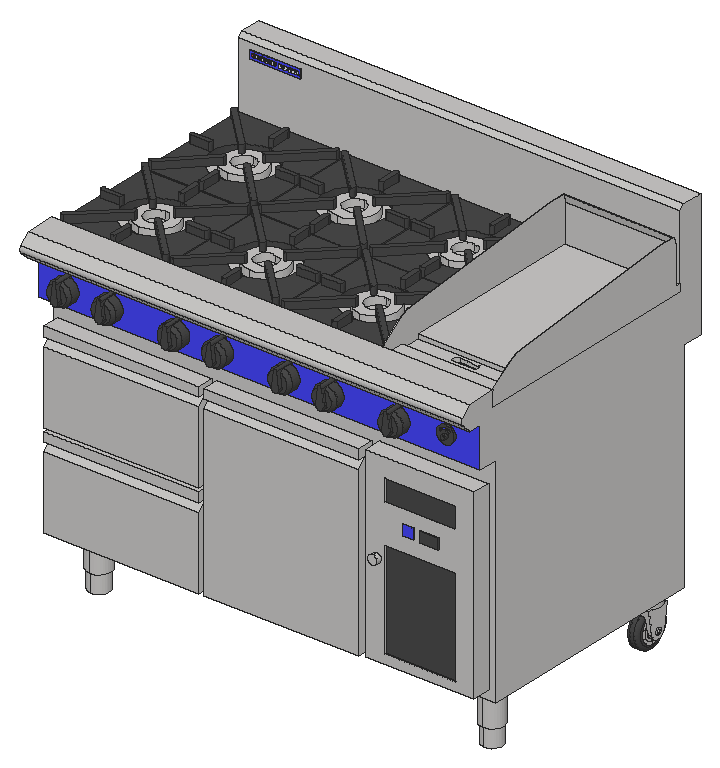
Revit family "QF_MOFFAT_BLUESEAL_AU_G518C-RB", category Specialty Equipment, Revit 2012
Parameters
  Weight in Pounds = 435  # constant formula
  Watts = 250 W
  Volts = 230 V
  URL Cutsheet = "www.moffat.com"
  URL = "www.moffat.com"
  Type Mark [instance] = ""
  Status [instance] = ""
  Specification by User [instance] = ""
  Specification by Manufacturer = ""
  Show Logo [instance] = yes
  Show Clearance [instance] = yes
  Show Casters [instance] = yes
  Serial Number = ""
  Seismic Rating = ""
  SMACNA No = ""
  Revision Code [instance] = ""
  Refrigerant Type = "R134a"
  Phase = 1
  Omniclass Number and Title = ""
  Number of Poles = 1
  NAFEM Spec ID Number = ""
  Model = "G518C-RB"
  Min Ckt Ampacity = 0 A
  Mechanical Remarks [instance] = ""
  Mechanical Connection Type [instance] = ""
  Max Overcurrent Protection = 0 A
  Masterspec = ""
  Manufacturer = "MOFFAT BLUESEAL"
  Legs [instance] = not(Show Casters)  # no
  Item Number [instance] = ""
  Installed By [instance] = ""
  Identify Quantity as Lot [instance] = yes
  HP = ""
  Gas Size = 3/4"
  Gas RI Height [instance] = 0.0 mm
  Gas KW [instance] = 52.2
  Gas Input [instance] = 178189.0 Btu/h
  Gas Connection Height = 0.0 mm
  Furnished By [instance] = ""
  Foodservice Equipment Identifier [instance] = yes
  FL Amps = 1.8 A
  Elec Conn RI Height = 0.0 mm
  Elec Conn Connection Height = 0.0 mm
  Description = "1200MM GAS COOK TOP ON REFRIGERATED BASE"
  Cycle = 50 Hz
  Conn Plug = ""
  Conn Conduit = yes
  CSI MasterFormat = ""
  CSI Master Format = ""
  Body Height [instance] = 915.0 mm
  Base Height [instance] = 150.0 mm
  Apparent Power = if(Phase = 3, Volts * FL Amps * 1.73, Volts * FL Amps)  # 414 VA
Reference planes
  plane 1 "BACK": y = 0
  plane 2: z = 0
  plane 3 "LEFT": x = 0
  plane 4 "RIGHT": x = 1200
  plane 5 "FRONT": y = -812
  plane 6 "TOP": z = 970
  plane 7 "Center Y": x = 600
  plane 8 "Center X": y = -406
  plane 9 "Base Height": z = 150
  plane 10: x = 1134
  plane 11: x = 65
  plane 12: z = 915
  plane 13: x = 1181
  plane 14: x = 973
  plane 15: y = -625
  plane 16: y = -100
  plane 17: z = 1085
Forms (mm)
  Extrusion 1, solid, material "QF_Finishes_Stainless Steel"
    sketch origin (0, 0, 0) x (0, 1, 0) y (0, 0, 1)
      loop
        line (0, 740) -> (0, 1085) -> (-57.5, 1085) -> (-70, 1072.5) -> (-70, 875) -> (-705, 875) -> (-705, 915) -> (-783.97, 915) -> (-808.485, 890.485)
        arc (-808.485, 890.485) -> (-811.999, 882) -> (-808.485, 873.515) r 12
        line (-808.485, 873.515) -> (-784.97, 850) -> (-749, 850) -> (-749, 740) -> (-697, 740) -> (-697, 150) -> (-57, 150) -> (-57, 740) -> (0, 740)
    from 0 to 1200
  Extrusion 2, solid, material "QF_Finishes_Stainless Steel"
    sketch origin (705, 3, 100) x (1, 0, 0) y (0, 1, 0)
      loop
        circle (365, -35) r 13.5
    from 555 to 640
  Revolve 3, solid, material "QF_Finishes_Black"
    sketch origin (89.687, 0, 759.972) x (0, 1, 0) y (0, 0, -1)
      loop
        line (-789, -69.5) -> (-766, -69.5) -> (-766, -42) -> (-756, -42) -> (-756, -37) -> (-800, -37) -> (-800, -63.651) -> (-789, -69.5)
      axis (-800, -37) -> (-756, -37)
    angle from 0 to 360
  Extrusion 4, solid, material "QF_Finishes_Black"
    sketch origin (227.956, 0, 760.13) x (-1, 0, 0) y (0, 0, -1)
      loop
        line (127.537, -26.064) -> (132.958, -68.983)
        arc (132.958, -68.983) -> (137.956, -73.87) -> (142.955, -68.983) r 5
        line (142.955, -68.983) -> (148.444, -24.898)
        arc (148.444, -24.898) -> (137.372, -14.399) -> (127.537, -26.064) r 10.487
    from 759 to 808
  Revolve 5, solid, material "QF_Finishes_Stainless Steel"
    sketch origin (65, -735, 0) x (0, 1, 0) y (0, 0, 1)
      loop
        line (78.25, 150) -> (78.25, 50) -> (82.5, 50) -> (82.5, 0) -> (110, 0) -> (110, 150) -> (78.25, 150)
      axis (110, 150) -> (110, 0)
    angle from 0 to 360
  Revolve 6, solid, material "QF_Finishes_Stainless Steel"
    sketch origin (1134, -735, 0) x (0, 1, 0) y (0, 0, -1)
      loop
        line (78.25, -150) -> (110, -150) -> (110, 0) -> (82.5, 0) -> (82.5, -50) -> (78.25, -50) -> (78.25, -150)
      axis (110, -150) -> (110, 0)
    angle from 0 to 360
  Extrusion 7, solid, material "QF_Finishes_Stainless Steel"
    sketch origin (0, 0, 0) x (0, 1, 0) y (0, 0, 1)
      loop
        line (-754, 678) -> (-754, 653) -> (-709.18, 653) -> (-709.18, 678) -> (-754, 678)
      loop
        line (-754, 421) -> (-754, 396) -> (-709.18, 396) -> (-709.18, 421) -> (-754, 421)
    from 19 to 439
  Extrusion 8, solid, material "QF_Finishes_Stainless Steel"
    sketch origin (0, -697, 222.5) x (0, 0, -1) y (1, 0, 0)
      loop
        line (-455.5, 1181) -> (-455.5, 887) -> (48.5, 887) -> (48.5, 1181) -> (-455.5, 1181)
      loop
        line (23.5, 1131) -> (-241.5, 1131) -> (-241.5, 937) -> (23.5, 937) -> (23.5, 1131)
      loop
        line (-405.5, 1131) -> (-405.5, 937) -> (-345.5, 937) -> (-345.5, 1131) -> (-405.5, 1131)
    from 0 to 48
  Extrusion 9, solid, material "QF_Finishes_Black"
    sketch origin (0, -745, 222.5) x (0, 0, -1) y (1, 0, 0)
      loop
        line (-311.04, 1035.003) -> (-281.04, 1035.003) -> (-281.04, 1083.315) -> (-311.04, 1083.315) -> (-311.04, 1035.003)
    from 0 to 1
  Extrusion 10, solid, material "QF_Finishes_Stainless Steel"
    sketch origin (0, -745, 222.5) x (0, 0, -1) y (1, 0, 0)
      loop
        circle (-202.271, 914.856) r 12.395
    from 0 to 12.7
  Extrusion 11, solid, material "QF_Finishes_Vents"
    sketch origin (0, -697, 222.5) x (0, 0, 1) y (1, 0, 0)
      loop
        line (345.5, 937) -> (405.5, 937) -> (405.5, 1131) -> (345.5, 1131) -> (345.5, 937)
      loop
        line (241.5, 937) -> (241.5, 1131) -> (-23.5, 1131) -> (-23.5, 937) -> (241.5, 937)
    from 0 to -44.529
  Extrusion 12, solid, material "QF_Door-Drawer Clearances", visible <- "Show Clearance", detail levels coarse
    sketch origin (0, -747, 174) x (0, 0, 1) y (-1, 0, 0)
      loop
        line (0, -19) -> (0, -439) -> (247, -439) -> (247, -19) -> (0, -19)
      loop
        line (257, -19) -> (257, -439) -> (504, -439) -> (504, -19) -> (257, -19)
    from 0 to 304.8
  Extrusion 13, solid, material "QF_Finishes_Stainless Steel"
    sketch origin (0, 0, 0) x (0, 1, 0) y (0, 0, 1)
      loop
        line (-709.18, 174) -> (-709.18, 650.613) -> (-731.387, 650.613) -> (-754, 628) -> (-754, 174) -> (-709.18, 174)
    from 453 to 873
  Extrusion 14, solid, material "QF_Door-Drawer Clearances", visible <- "Show Clearance", detail levels coarse
    sketch origin (0, -754, 174) x (1, 0, 0) y (0, -1, 0)
      loop
        line (453, 0) -> (873, 0) -> (873, 420)
        arc (873, 420) -> (576.015, 296.985) -> (453, 0) r 420
    from 0 to -504
  Extrusion 15, solid, material "QF_Finishes_Stainless Steel"
    sketch origin (0, -57, 735) x (0, 0, 1) y (1, 0, 0)
      loop
        circle (-315, 920) r 6.35
    from 0 to 1.6
  Extrusion 16, solid, material "QF_Finishes_Stainless Steel"
    sketch origin (0, 0, 0) x (0, 1, 0) y (0, 0, 1)
      loop
        line (-754, 431) -> (-709.18, 431) -> (-709.18, 650.613) -> (-731.387, 650.613) -> (-754, 628) -> (-754, 431)
      loop
        line (-754, 174) -> (-709.18, 174) -> (-709.18, 393.613) -> (-731.387, 393.613) -> (-754, 371) -> (-754, 174)
    from 19 to 439
  Extrusion 17, solid, material "QF_Finishes_Stainless Steel"
    sketch origin (0, 0, 0) x (0, 1, 0) y (0, 0, 1)
      loop
        line (-709.18, 653) -> (-709.18, 678) -> (-754, 678) -> (-754, 653) -> (-709.18, 653)
    from 453 to 873
  Revolve 18, solid, material "QF_Finishes_Black"
    sketch origin (210, 0, 760) x (0, 1, 0) y (0, 0, -1)
      loop
        line (-789, -69.5) -> (-766, -69.5) -> (-766, -42) -> (-756, -42) -> (-756, -37) -> (-800, -37) -> (-800, -63.651) -> (-789, -69.5)
      axis (-800, -37) -> (-756, -37)
    angle from 0 to 360
  Extrusion 19, solid, material "QF_Finishes_Black"
    sketch origin (348.27, 0, 760.158) x (-1, 0, 0) y (0, 0, -1)
      loop
        line (127.537, -26.064) -> (132.958, -68.983)
        arc (132.958, -68.983) -> (137.956, -73.87) -> (142.955, -68.983) r 5
        line (142.955, -68.983) -> (148.444, -24.898)
        arc (148.444, -24.898) -> (137.372, -14.399) -> (127.537, -26.064) r 10.487
    from 759 to 808
  Revolve 20, solid, material "QF_Finishes_Black"
    sketch origin (390, 0, 760) x (0, 1, 0) y (0, 0, -1)
      loop
        line (-789, -69.5) -> (-766, -69.5) -> (-766, -42) -> (-756, -42) -> (-756, -37) -> (-800, -37) -> (-800, -63.651) -> (-789, -69.5)
      axis (-800, -37) -> (-756, -37)
    angle from 0 to 360
  Extrusion 21, solid, material "QF_Finishes_Black"
    sketch origin (528.27, 0, 760.158) x (-1, 0, 0) y (0, 0, -1)
      loop
        line (127.537, -26.064) -> (132.958, -68.983)
        arc (132.958, -68.983) -> (137.956, -73.87) -> (142.955, -68.983) r 5
        line (142.955, -68.983) -> (148.444, -24.898)
        arc (148.444, -24.898) -> (137.372, -14.399) -> (127.537, -26.064) r 10.487
    from 759 to 808
  Revolve 22, solid, material "QF_Finishes_Black"
    sketch origin (690, 0, 760) x (0, 1, 0) y (0, 0, -1)
      loop
        line (-789, -69.5) -> (-766, -69.5) -> (-766, -42) -> (-756, -42) -> (-756, -37) -> (-800, -37) -> (-800, -63.651) -> (-789, -69.5)
      axis (-800, -37) -> (-756, -37)
    angle from 0 to 360
  Extrusion 23, solid, material "QF_Finishes_Black"
    sketch origin (828.27, 0, 760.158) x (-1, 0, 0) y (0, 0, -1)
      loop
        line (127.537, -26.064) -> (132.958, -68.983)
        arc (132.958, -68.983) -> (137.956, -73.87) -> (142.955, -68.983) r 5
        line (142.955, -68.983) -> (148.444, -24.898)
        arc (148.444, -24.898) -> (137.372, -14.399) -> (127.537, -26.064) r 10.487
    from 759 to 808
  Revolve 24, solid, material "QF_Finishes_Black"
    sketch origin (990, 0, 760) x (0, 1, 0) y (0, 0, -1)
      loop
        line (-789, -69.5) -> (-766, -69.5) -> (-766, -42) -> (-756, -42) -> (-756, -37) -> (-800, -37) -> (-800, -63.651) -> (-789, -69.5)
      axis (-800, -37) -> (-756, -37)
    angle from 0 to 360
  Extrusion 25, solid, material "QF_Finishes_Black"
    sketch origin (1128.27, 0, 760.158) x (-1, 0, 0) y (0, 0, -1)
      loop
        line (127.537, -26.064) -> (132.958, -68.983)
        arc (132.958, -68.983) -> (137.956, -73.87) -> (142.955, -68.983) r 5
        line (142.955, -68.983) -> (148.444, -24.898)
        arc (148.444, -24.898) -> (137.372, -14.399) -> (127.537, -26.064) r 10.487
    from 759 to 808
  Revolve 26, solid, material "QF_Finishes_Black"
    sketch origin (510.313, 0, 760.028) x (0, 1, 0) y (0, 0, -1)
      loop
        line (-789, -69.5) -> (-766, -69.5) -> (-766, -42) -> (-756, -42) -> (-756, -37) -> (-800, -37) -> (-800, -63.651) -> (-789, -69.5)
      axis (-800, -37) -> (-756, -37)
    angle from 0 to 360
  Extrusion 27, solid, material "QF_Finishes_Black"
    sketch origin (648.583, 0, 760.186) x (-1, 0, 0) y (0, 0, -1)
      loop
        line (127.537, -26.064) -> (132.958, -68.983)
        arc (132.958, -68.983) -> (137.956, -73.87) -> (142.955, -68.983) r 5
        line (142.955, -68.983) -> (148.444, -24.898)
        arc (148.444, -24.898) -> (137.372, -14.399) -> (127.537, -26.064) r 10.487
    from 759 to 808
  Revolve 28, solid, material "QF_Finishes_Stainless Steel", visible <- "Legs"
    sketch origin (65.5, -166, 0) x (0, 1, 0) y (0, 0, 1)
      loop
        line (34.25, 150) -> (34.25, 50) -> (38.5, 50) -> (38.5, 0) -> (66, 0) -> (66, 150) -> (34.25, 150)
      axis (66, 150) -> (66, 0)
    angle from 0 to 360
  Revolve 29, solid, material "QF_Finishes_Stainless Steel", visible <- "Show Casters"
    sketch origin (16.276, -100.755, -12.8) x (1, 0, 0) y (0, 0, 1)
      loop
        line (14.841, 63.604) -> (83.584, 63.604) -> (83.584, 67.109) -> (82.314, 68.379) -> (80.79, 68.379) -> (80.79, 71.826) -> (68.644, 71.826) -> (68.644, 81.79) -> (65.088, 83.843) -> (63.738, 92.179) -> (65.881, 92.179) -> (65.881, 98.529) -> (65.088, 98.529) -> (65.088, 104.879)
        arc (65.088, 104.879) -> (62.298, 111.614) -> (55.563, 114.404) r 9.525
        line (55.563, 114.404) -> (42.863, 114.404)
        arc (42.863, 114.404) -> (36.127, 111.614) -> (33.338, 104.879) r 9.525
        line (33.338, 104.879) -> (33.338, 98.529) -> (32.544, 98.529) -> (32.544, 92.179) -> (34.687, 92.179) -> (33.352, 83.932) -> (29.782, 81.871) -> (29.782, 71.826) -> (17.635, 71.826) -> (17.635, 68.379) -> (16.111, 68.379) -> (14.841, 67.109) -> (14.841, 63.604)
      axis (14.841, 63.604) -> (83.584, 63.604)
    angle from 0 to 360
  Extrusion 30, solid, material "QF_Finishes_Stainless Steel", visible <- "Show Casters"
    sketch origin (72.001, 132.353, -8.783) x (0, 1, 0) y (0, 0, 1)
      loop
        line (-200.603, 118.783) -> (-264.103, 118.783) -> (-251.746, 53.895)
        arc (-251.746, 53.895) -> (-232.353, 38.783) -> (-212.959, 53.895) r 20
        line (-212.959, 53.895) -> (-200.603, 118.783)
    from -35.667 to 22.923
  Revolve 31, solid, material "QF_Finishes_Stainless Steel", visible <- "Show Casters"
    sketch origin (65.5, -204, 0) x (0, 1, 0) y (0, 0, 1)
      loop
        line (68.25, 150) -> (68.25, 110) -> (104, 110) -> (104, 150) -> (68.25, 150)
      axis (104, 150) -> (104, 110)
    angle from 0 to 360
  Revolve 32, solid, material "QF_Finishes_Stainless Steel", visible <- "Legs"
    sketch origin (65.5, -166, 0) x (0, 1, 0) y (0, 0, 1)
      loop
        line (34.25, 150) -> (34.25, 50) -> (38.5, 50) -> (38.5, 0) -> (66, 0) -> (66, 150) -> (34.25, 150)
      axis (66, 150) -> (66, 0)
    angle from 0 to 360
  Revolve 33, solid, material "QF_Finishes_Stainless Steel", visible <- "Legs"
    sketch origin (1134.5, -166, 0) x (0, 1, 0) y (0, 0, -1)
      loop
        line (34.25, -150) -> (66, -150) -> (66, 0) -> (38.5, 0) -> (38.5, -50) -> (34.25, -50) -> (34.25, -150)
      axis (66, -150) -> (66, 0)
    angle from 0 to 360
  Revolve 34, solid, material "QF_Finishes_Stainless Steel", visible <- "Show Casters"
    sketch origin (1183.724, -100.755, -12.8) x (-1, 0, 0) y (0, 0, -1)
      loop
        line (14.841, -63.604) -> (14.841, -67.109) -> (16.111, -68.379) -> (17.635, -68.379) -> (17.635, -71.826) -> (29.782, -71.826) -> (29.782, -81.871) -> (33.352, -83.932) -> (34.687, -92.179) -> (32.544, -92.179) -> (32.544, -98.529) -> (33.338, -98.529) -> (33.338, -104.879)
        arc (33.338, -104.879) -> (36.127, -111.614) -> (42.863, -114.404) r 9.525
        line (42.863, -114.404) -> (55.563, -114.404)
        arc (55.563, -114.404) -> (62.298, -111.614) -> (65.088, -104.879) r 9.525
        line (65.088, -104.879) -> (65.088, -98.529) -> (65.881, -98.529) -> (65.881, -92.179) -> (63.738, -92.179) -> (65.088, -83.843) -> (68.644, -81.79) -> (68.644, -71.826) -> (80.79, -71.826) -> (80.79, -68.379) -> (82.314, -68.379) -> (83.584, -67.109) -> (83.584, -63.604) -> (14.841, -63.604)
      axis (14.841, -63.604) -> (83.584, -63.604)
    angle from 0 to 360
  Extrusion 35, solid, material "QF_Finishes_Stainless Steel", visible <- "Show Casters"
    sketch origin (1127.999, 132.353, -8.783) x (0, 1, 0) y (0, 0, -1)
      loop
        line (-200.603, -118.783) -> (-212.959, -53.895)
        arc (-212.959, -53.895) -> (-232.353, -38.783) -> (-251.746, -53.895) r 20
        line (-251.746, -53.895) -> (-264.103, -118.783) -> (-200.603, -118.783)
    from -35.667 to 22.923
  Revolve 36, solid, material "QF_Finishes_Stainless Steel", visible <- "Show Casters"
    sketch origin (1134.5, -204, 0) x (0, 1, 0) y (0, 0, -1)
      loop
        line (68.25, -150) -> (104, -150) -> (104, -110) -> (68.25, -110) -> (68.25, -150)
      axis (104, -150) -> (104, -110)
    angle from 0 to 360
  Revolve 37, solid, material "QF_Finishes_Stainless Steel", visible <- "Legs"
    sketch origin (1134.5, -166, 0) x (0, 1, 0) y (0, 0, -1)
      loop
        line (34.25, -150) -> (66, -150) -> (66, 0) -> (38.5, 0) -> (38.5, -50) -> (34.25, -50) -> (34.25, -150)
      axis (66, -150) -> (66, 0)
    angle from 0 to 360
  Extrusion 38, solid, material "QF_Finishes_Black"
    sketch origin (0, -749, 850) x (0, 0, -1) y (1, 0, 0)
      loop
        circle (53, 1110) r 23.9
      loop
        arc (45.641, 1118.419) -> (46.501, 1123.219) -> (41.701, 1124.079) r 3.448
        arc (41.701, 1124.079) -> (35.116, 1109.341) -> (42.919, 1095.209) r 18.095
        arc (42.919, 1095.209) -> (47.641, 1096.491) -> (46.326, 1101.204) r 3.448
        arc (46.326, 1101.204) -> (42.758, 1109.683) -> (45.641, 1118.419) r 13.109
    from 0 to 5
  Extrusion 39, solid, material "QF_Finishes_Black"
    sketch origin (0, -754, 850) x (0, 0, -1) y (1, 0, 0)
      loop
        circle (56.5, 1110) r 5.75
    from 0 to 10
  Revolve 40, solid, material "QF_Finishes_Black"
    sketch origin (810.313, 0, 760.028) x (0, 1, 0) y (0, 0, -1)
      loop
        line (-789, -69.5) -> (-766, -69.5) -> (-766, -42) -> (-756, -42) -> (-756, -37) -> (-800, -37) -> (-800, -63.651) -> (-789, -69.5)
      axis (-800, -37) -> (-756, -37)
    angle from 0 to 360
  Extrusion 41, solid, material "QF_Finishes_Black"
    sketch origin (948.583, 0, 760.186) x (-1, 0, 0) y (0, 0, -1)
      loop
        line (127.537, -26.064) -> (132.958, -68.983)
        arc (132.958, -68.983) -> (137.956, -73.87) -> (142.955, -68.983) r 5
        line (142.955, -68.983) -> (148.444, -24.898)
        arc (148.444, -24.898) -> (137.372, -14.399) -> (127.537, -26.064) r 10.487
    from 759 to 808
  Extrusion 42, solid, material "QF_Finishes_Blue"
    sketch origin (0, -745, 222.5) x (0, 0, -1) y (1, 0, 0)
      loop
        line (-311.04, 987.426) -> (-281.04, 987.426) -> (-281.04, 1017.426) -> (-311.04, 1017.426) -> (-311.04, 987.426)
    from 0 to 1
Lines and regions (mm)
  Split face 1
    outline origin (0, -22, 1085) x (0, 1, 0) y (-1, 0, 0)
      loop
        arc (-23.385, -1164.794) -> (-18.385, -1173.455) -> (-8.385, -1173.455) r 10
        line (-8.385, -1173.455) -> (-1.385, -1169.413)
        arc (-1.385, -1169.413) -> (2.275, -1165.753) -> (3.615, -1160.753) r 10
        line (3.615, -1160.753) -> (3.615, -932.794)
        arc (3.615, -932.794) -> (-1.385, -924.134) -> (-11.385, -924.134) r 10
        line (-11.385, -924.134) -> (-18.385, -928.176)
        arc (-18.385, -928.176) -> (-22.045, -931.836) -> (-23.385, -936.836) r 10
        line (-23.385, -936.836) -> (-23.385, -1164.794)
  Split face 2
    outline origin (0, -22, 1085) x (0, 1, 0) y (-1, 0, 0)
      loop
        arc (-23.385, -864.794) -> (-18.385, -873.455) -> (-8.385, -873.455) r 10
        line (-8.385, -873.455) -> (-1.385, -869.413)
        arc (-1.385, -869.413) -> (2.275, -865.753) -> (3.615, -860.753) r 10
        line (3.615, -860.753) -> (3.615, -632.794)
        arc (3.615, -632.794) -> (-1.385, -624.134) -> (-11.385, -624.134) r 10
        line (-11.385, -624.134) -> (-18.385, -628.176)
        arc (-18.385, -628.176) -> (-22.045, -631.836) -> (-23.385, -636.836) r 10
        line (-23.385, -636.836) -> (-23.385, -864.794)
  Split face 3
    outline origin (0, -22, 1085) x (0, 1, 0) y (-1, 0, 0)
      loop
        arc (-23.385, -564.794) -> (-18.385, -573.455) -> (-8.385, -573.455) r 10
        line (-8.385, -573.455) -> (-1.385, -569.413)
        arc (-1.385, -569.413) -> (2.275, -565.753) -> (3.615, -560.753) r 10
        line (3.615, -560.753) -> (3.615, -332.794)
        arc (3.615, -332.794) -> (-1.385, -324.134) -> (-11.385, -324.134) r 10
        line (-11.385, -324.134) -> (-18.385, -328.176)
        arc (-18.385, -328.176) -> (-22.045, -331.836) -> (-23.385, -336.836) r 10
        line (-23.385, -336.836) -> (-23.385, -564.794)
  Split face 4
    outline origin (0, -22, 1085) x (0, 1, 0) y (-1, 0, 0)
      loop
        arc (-23.385, -264.794) -> (-18.385, -273.455) -> (-8.385, -273.455) r 10
        line (-8.385, -273.455) -> (-1.385, -269.413)
        arc (-1.385, -269.413) -> (2.275, -265.753) -> (3.615, -260.753) r 10
        line (3.615, -260.753) -> (3.615, -32.794)
        arc (3.615, -32.794) -> (-1.385, -24.134) -> (-11.385, -24.134) r 10
        line (-11.385, -24.134) -> (-18.385, -28.176)
        arc (-18.385, -28.176) -> (-22.045, -31.836) -> (-23.385, -36.836) r 10
        line (-23.385, -36.836) -> (-23.385, -264.794)
  symbolic lines, style "QF_Door-Drawer Clearances"
    curve 1: line (19, -812, 150) -> (19, -1058.8, 150)
    curve 2: line (19, -1058.8, 150) -> (439, -1058.8, 150)
    curve 3: line (439, -1058.8, 150) -> (439, -812, 150)
    curve 4: arc (512.99, -970.316, 150) -> (477.409, -895.095, 150) -> (457.356, -814.336, 150) r 420
    curve 5: line (776.472, -812, 150) -> (512.99, -970.316, 150)
  symbolic lines, style "SpecialityEquipmentHiddenLines", visible <- "Show Casters"
    curve 6: line (78.456, -46.735, 0) -> (105.952, -62.61, 0)
    curve 7: line (27.656, -134.723, 0) -> (78.456, -46.735, 0)
    curve 8: line (55.152, -150.598, 0) -> (27.656, -134.723, 0)
    curve 9: line (105.952, -62.61, 0) -> (55.152, -150.598, 0)
    curve 10: line (1125.152, -150.598, 0) -> (1097.656, -134.723, 0)
    curve 11: line (1175.952, -62.61, 0) -> (1125.152, -150.598, 0)
    curve 52: line (1148.456, -46.735, 0) -> (1097.656, -134.723, 0)
    curve 53: line (1175.952, -62.61, 0) -> (1148.456, -46.735, 0)
  symbolic lines
    curve 12: line (32.794, -18.385, 0) -> (260.753, -18.385, 0)
    curve 13: arc (260.753, -18.385, 0) -> (265.753, -19.725, 0) -> (269.413, -23.385, 0) r 10
    curve 14: line (269.413, -23.385, 0) -> (273.455, -30.385, 0)
    curve 15: arc (273.455, -30.385, 0) -> (273.455, -40.385, 0) -> (264.794, -45.385, 0) r 10
    curve 16: line (264.794, -45.385, 0) -> (36.836, -45.385, 0)
    curve 17: arc (36.836, -45.385, 0) -> (31.836, -44.045, 0) -> (28.176, -40.385, 0) r 10
    curve 18: line (28.176, -40.385, 0) -> (24.134, -33.385, 0)
    curve 19: arc (24.134, -33.385, 0) -> (24.134, -23.385, 0) -> (32.794, -18.385, 0) r 10
    curve 20: line (560.753, -18.385, 0) -> (332.794, -18.385, 0)
    curve 21: arc (332.794, -18.385, 0) -> (324.134, -23.385, 0) -> (324.134, -33.385, 0) r 10
    curve 22: line (324.134, -33.385, 0) -> (328.176, -40.385, 0)
    curve 23: arc (328.176, -40.385, 0) -> (331.836, -44.045, 0) -> (336.836, -45.385, 0) r 10
    curve 24: line (336.836, -45.385, 0) -> (564.794, -45.385, 0)
    curve 25: arc (564.794, -45.385, 0) -> (573.455, -40.385, 0) -> (573.455, -30.385, 0) r 10
    curve 26: line (573.455, -30.385, 0) -> (569.413, -23.385, 0)
    curve 27: arc (569.413, -23.385, 0) -> (565.753, -19.725, 0) -> (560.753, -18.385, 0) r 10
    curve 28: line (632.794, -18.385, 0) -> (860.753, -18.385, 0)
    curve 29: arc (860.753, -18.385, 0) -> (865.753, -19.725, 0) -> (869.413, -23.385, 0) r 10
    curve 30: line (869.413, -23.385, 0) -> (873.455, -30.385, 0)
    curve 31: arc (873.455, -30.385, 0) -> (873.455, -40.385, 0) -> (864.794, -45.385, 0) r 10
    curve 32: line (864.794, -45.385, 0) -> (636.836, -45.385, 0)
    curve 33: arc (636.836, -45.385, 0) -> (631.836, -44.045, 0) -> (628.176, -40.385, 0) r 10
    curve 34: line (628.176, -40.385, 0) -> (624.134, -33.385, 0)
    curve 35: arc (624.134, -33.385, 0) -> (624.134, -23.385, 0) -> (632.794, -18.385, 0) r 10
    curve 36: line (1160.753, -18.385, 0) -> (932.794, -18.385, 0)
    curve 37: arc (932.794, -18.385, 0) -> (924.134, -23.385, 0) -> (924.134, -33.385, 0) r 10
    curve 38: line (924.134, -33.385, 0) -> (928.176, -40.385, 0)
    curve 39: arc (928.176, -40.385, 0) -> (931.836, -44.045, 0) -> (936.836, -45.385, 0) r 10
    curve 40: line (936.836, -45.385, 0) -> (1164.794, -45.385, 0)
    curve 41: arc (1164.794, -45.385, 0) -> (1173.455, -40.385, 0) -> (1173.455, -30.385, 0) r 10
    curve 42: line (1173.455, -30.385, 0) -> (1169.413, -23.385, 0)
    curve 43: arc (1169.413, -23.385, 0) -> (1165.753, -19.725, 0) -> (1160.753, -18.385, 0) r 10
    curve 44: line (1200, 0, 0) -> (0, 0, 0)
    curve 45: line (1200, -57, 0) -> (0, -57, 0)
    curve 46: line (0, -70, 0) -> (1200, -70, 0)
    curve 47: line (-1, -705, 0) -> (1199, -705, 0)
    curve 48: line (0, -783.97, 0) -> (1200, -783.97, 0)
    curve 49: line (0, -811.999, 0) -> (1200, -811.999, 0)
    curve 50: line (1200, -811.999, 0) -> (1200, 0, 0)
    curve 51: line (0, 0, 0) -> (0, -811.999, 0)
Dimensions and locks
  equal spacing: plane 3 "LEFT", plane 7 "Center Y", plane 4 "RIGHT"
  plane 3 "LEFT" to plane 4 "RIGHT" = 1200.0 mm
  equal spacing: plane 5 "FRONT", plane 8 "Center X", plane 1 "BACK"
  plane 5 "FRONT" to plane 1 "BACK" = 812.0 mm
  "Base Height": plane 9 "Base Height" to level
  plane 6 "TOP" to level = 970.0 mm
  plane 10 to plane 11 = 1069.0 mm
  level to Extrusion 2 = 655.0 mm
  Extrusion 1 to Extrusion 7 = 19.0 mm
  Extrusion 8 sketch curve to Extrusion 8 sketch curve = 294.0 mm
  plane 15 to plane 16 = 525.0 mm
  plane 17 to plane 2 = 1085.0 mm
  Extrusion 15 sketch curve to plane 4 "RIGHT" = 280.0 mm
  Extrusion 15 sketch curve to plane 2 = 420.0 mm
  Revolve 29 sketch curve to Revolve 29 sketch curve = 50.8 mm
  Revolve 34 sketch curve to Revolve 34 sketch curve = 50.8 mm
  aligned and locked: level to plane 2
Automatic sketch dimensions
  curve 45 to plane 3 "LEFT" = 0.0 mm
  curve 48 to plane 4 "RIGHT" = 0.0 mm
  plane 1 "BACK" to curve 44 = 0.0 mm
  curve 47 to plane 3 "LEFT" = 1.0 mm
  plane 3 "LEFT" to curve 18 = 24.134 mm
  plane 3 "LEFT" to curve 8 = 27.656 mm
  curve 19 to curve 17 = 4.041 mm
  curve 18 to curve 19 = 8.66 mm
  curve 17 to curve 17 = 8.66 mm
  curve 8 to plane 11 = 9.848 mm
  plane 11 to curve 7 = 13.456 mm
  plane 1 "BACK" to curve 12 = 18.385 mm
  curve 6 to curve 12 = 154.801 mm
  curve 13 to curve 15 = 4.041 mm  (x2)
  curve 13 to curve 13 = 8.66 mm
  curve 14 to curve 21 = 50.679 mm
  curve 22 to curve 23 = 4.041 mm
  curve 21 to curve 21 = 8.66 mm
  curve 23 to curve 23 = 8.66 mm
  plane 1 "BACK" to curve 27 = 18.385 mm
  curve 27 to plane 7 "Center Y" = 39.247 mm
  curve 27 to curve 24 = 4.041 mm
  plane 1 "BACK" to curve 26 = 23.385 mm
  curve 27 to curve 26 = 8.66 mm
  curve 26 to curve 25 = 4.041 mm
  plane 7 "Center Y" to curve 35 = 24.134 mm
  curve 35 to curve 34 = 4.041 mm
  curve 34 to curve 28 = 8.66 mm
  curve 33 to curve 32 = 8.66 mm
  plane 1 "BACK" to curve 29 = 18.385 mm
  curve 29 to plane 14 = 112.247 mm
  curve 29 to curve 31 = 4.041 mm
  curve 29 to curve 29 = 8.66 mm
  plane 1 "BACK" to curve 30 = 30.385 mm
  curve 29 to curve 30 = 4.041 mm
  curve 38 to plane 14 = 48.866 mm
  curve 37 to curve 38 = 4.041 mm
  curve 37 to curve 37 = 8.66 mm
  curve 37 to curve 39 = 4.041 mm
  curve 52 to plane 10 = 36.344 mm
  curve 10 to plane 10 = 8.848 mm
  plane 10 to curve 53 = 14.456 mm
  curve 52 to curve 43 = 12.297 mm
  curve 43 to curve 41 = 4.041 mm
  curve 43 to curve 42 = 8.66 mm
  curve 43 to curve 42 = 4.041 mm
  plane 4 "RIGHT" to curve 47 = 1.0 mm
  curve 34 to curve 28 = 15.0 mm
  curve 18 to curve 12 = 15.0 mm
  curve 21 to curve 20 = 15.0 mm
  plane 1 "BACK" to curve 38 = 33.385 mm
  curve 31 to curve 31 = 5.0 mm
  curve 25 to curve 27 = 7.0 mm
  curve 15 to curve 12 = 17.0 mm
  curve 17 to curve 19 = 7.0 mm
  curve 33 to curve 35 = 7.0 mm
  curve 23 to curve 21 = 7.0 mm
  plane 1 "BACK" to curve 41 = 35.385 mm
  curve 39 to curve 37 = 2.0 mm
  curve 39 to curve 37 = 7.0 mm  (x2)
  curve 18 to curve 19 = 7.0 mm
  curve 22 to curve 22 = 7.0 mm
  curve 53 to curve 41 = 1.35 mm
  curve 6 to curve 17 = 1.35 mm
  curve 45 to curve 41 = 11.615 mm
  curve 53 to curve 41 = 17.225 mm
  curve 6 to curve 6 = 15.875 mm
  curve 46 to curve 45 = 13.0 mm
  curve 47 to plane 15 = 80.0 mm
  curve 48 to plane 5 "FRONT" = 28.03 mm
  curve 51 to plane 5 "FRONT" = 0.001 mm
  curve 31 to curve 29 = 7.0 mm
  curve 15 to curve 13 = 7.0 mm
  curve 41 to curve 43 = 7.0 mm
  Extrusion 1 sketch curve to plane 12 = 0.0 mm
  Extrusion 1 sketch curve to plane 9 "Base Height" = 0.0 mm
  Extrusion 1 sketch curve to plane 17 = 0.0 mm
  Extrusion 1 sketch curve to plane 1 "BACK" = 0.0 mm
  plane 16 to Extrusion 1 sketch curve = 43.0 mm
  plane 16 to Extrusion 1 sketch curve = 42.5 mm
  Extrusion 1 sketch curve to Extrusion 1 sketch curve = 12.5 mm
  Extrusion 1 sketch curve to plane 15 = 72.0 mm
  Extrusion 1 sketch curve to plane 15 = 80.0 mm
  Extrusion 1 sketch curve to Extrusion 1 sketch curve = 52.0 mm
  Extrusion 1 sketch curve to plane 5 "FRONT" = 28.03 mm
  Extrusion 1 sketch curve to plane 5 "FRONT" = 27.03 mm
  Extrusion 1 sketch curve to plane 5 "FRONT" = 12.001 mm
  Extrusion 1 sketch curve to plane 5 "FRONT" = 3.515 mm  (x2)
  Extrusion 1 sketch curve to plane 12 = 175.0 mm  (x2)
  Extrusion 1 sketch curve to plane 12 = 65.0 mm
  Extrusion 1 sketch curve to Extrusion 1 sketch curve = 23.515 mm
  Extrusion 1 sketch curve to Extrusion 1 sketch curve = 40.0 mm
  Extrusion 1 sketch curve to Extrusion 1 sketch curve = 8.485 mm
  Extrusion 1 sketch curve to plane 17 = 12.5 mm
  plane 1 "BACK" to Extrusion 2 sketch curve = 32.0 mm
  Extrusion 2 sketch curve to plane 10 = 64.0 mm
  Revolve 3 sketch curve to plane 5 "FRONT" = 12.0 mm
  Revolve 3 sketch curve to Revolve 3 sketch curve = 0.0 mm  (x2)
  Revolve 3 sketch curve to Revolve 3 sketch curve = 11.0 mm
  Revolve 3 sketch curve to Revolve 3 sketch curve = 12.7 mm
  Revolve 3 sketch curve to Revolve 3 sketch curve = 23.0 mm
  Revolve 3 sketch curve to Revolve 3 sketch curve = 10.0 mm
  Revolve 3 sketch curve to plane 12 = 85.528 mm
  Revolve 3 sketch curve to Revolve 3 sketch curve = 5.849 mm
  Revolve 3 sketch curve to Revolve 3 sketch curve = 27.5 mm
  Revolve 3 sketch curve to Revolve 3 sketch curve = 5.0 mm
  plane 11 to Extrusion 4 sketch curve = 35.419 mm
  plane 11 to Extrusion 4 sketch curve = 29.999 mm
  Extrusion 4 sketch curve to Extrusion 4 sketch curve = 10.419 mm
  Extrusion 4 sketch curve to Extrusion 4 sketch curve = 4.999 mm  (x2)
  Extrusion 4 sketch curve to Extrusion 4 sketch curve = 10.487 mm
  Extrusion 4 sketch curve to plane 12 = 85.887 mm
  Extrusion 4 sketch curve to Extrusion 4 sketch curve = 0.113 mm
  Extrusion 4 sketch curve to Extrusion 4 sketch curve = 42.919 mm
  Extrusion 4 sketch curve to Extrusion 4 sketch curve = 1.167 mm
  Revolve 5 sketch curve to plane 9 "Base Height" = 0.0 mm
  Revolve 5 sketch curve to level = 0.0 mm
  Revolve 5 sketch curve to plane 15 = 0.0 mm  (x2)
  Revolve 5 sketch curve to plane 15 = 27.5 mm
  Revolve 5 sketch curve to Revolve 5 sketch curve = 31.75 mm
  Revolve 5 sketch curve to Revolve 5 sketch curve = 55.0 mm
  level to Revolve 5 sketch curve = 50.0 mm
  Revolve 5 sketch curve to Revolve 5 sketch curve = 0.0 mm
  Revolve 6 sketch curve to plane 9 "Base Height" = 0.0 mm
  Revolve 6 sketch curve to level = 0.0 mm
  Revolve 6 sketch curve to plane 15 = 0.0 mm  (x2)
  Revolve 6 sketch curve to plane 15 = 27.5 mm
  Revolve 6 sketch curve to plane 15 = 31.75 mm
  level to Revolve 6 sketch curve = 50.0 mm
  Revolve 6 sketch curve to Revolve 6 sketch curve = 0.0 mm
  Revolve 6 sketch curve to Revolve 6 sketch curve = 55.0 mm
  Extrusion 7 sketch curve to plane 5 "FRONT" = 58.0 mm  (x2)
  Extrusion 7 sketch curve to Extrusion 7 sketch curve = 44.82 mm  (x2)
  plane 9 "Base Height" to Extrusion 7 sketch curve = 246.0 mm
  Extrusion 7 sketch curve to Extrusion 7 sketch curve = 25.0 mm  (x2)
  Extrusion 7 sketch curve to Extrusion 7 sketch curve = 232.0 mm
  Extrusion 8 sketch curve to Extrusion 1 = 62.0 mm
  Extrusion 8 sketch curve to Extrusion 8 sketch curve = 50.0 mm  (x3)
  Extrusion 8 sketch curve to Extrusion 8 sketch curve = 60.0 mm
  Extrusion 8 sketch curve to Extrusion 8 sketch curve = 104.0 mm
  Extrusion 1 to Extrusion 8 sketch curve = 49.0 mm
  Extrusion 1 to Extrusion 8 sketch curve = 24.0 mm
  Extrusion 1 to Extrusion 8 sketch curve = 313.0 mm
  Extrusion 8 sketch curve to Extrusion 8 sketch curve = 0.0 mm
  Extrusion 1 to Extrusion 8 sketch curve = 69.0 mm
  Extrusion 9 sketch curve to Extrusion 8 = 34.46 mm
  Extrusion 8 to Extrusion 9 sketch curve = 47.685 mm
  Extrusion 8 to Extrusion 10 sketch curve = 39.229 mm
  Extrusion 10 sketch curve to Extrusion 8 = 22.144 mm
  Extrusion 11 sketch curve to Extrusion 8 = 0.0 mm  (x6)
  Extrusion 8 to Extrusion 11 sketch curve = 0.0 mm  (x2)
  plane 9 "Base Height" to Extrusion 12 sketch curve = 24.0 mm
  Extrusion 12 sketch curve to Extrusion 12 sketch curve = 247.0 mm
  Extrusion 12 sketch curve to Extrusion 12 sketch curve = 10.0 mm
  plane 3 "LEFT" to Extrusion 12 sketch curve = 19.0 mm  (x2)
  Extrusion 12 sketch curve to plane 12 = 237.0 mm
  Extrusion 12 sketch curve to plane 7 "Center Y" = 161.0 mm
  Extrusion 12 sketch curve to Extrusion 12 sketch curve = 0.0 mm
  Extrusion 13 sketch curve to plane 5 "FRONT" = 58.0 mm
  Extrusion 13 sketch curve to Extrusion 13 sketch curve = 22.613 mm  (x2)
  Extrusion 13 sketch curve to Extrusion 13 sketch curve = 22.207 mm
  plane 9 "Base Height" to Extrusion 13 sketch curve = 24.0 mm
  Extrusion 13 sketch curve to plane 12 = 287.0 mm
  Extrusion 14 sketch curve to Extrusion 13 = 0.0 mm  (x3)
  plane 5 "FRONT" to curve 5 = 0.0 mm
  plane 5 "FRONT" to curve 3 = 0.0 mm
  plane 5 "FRONT" to curve 1 = 0.0 mm
  curve 4 to plane 14 = 100.0 mm
  curve 4 to curve 5 = 96.528 mm
  curve 4 to plane 7 "Center Y" = 87.01 mm
  plane 5 "FRONT" to curve 4 = 2.336 mm
  curve 4 to plane 7 "Center Y" = 142.644 mm
  curve 4 to curve 3 = 18.356 mm
  plane 3 "LEFT" to curve 1 = 19.0 mm
  curve 4 to plane 5 "FRONT" = 58.0 mm
  curve 1 to curve 2 = 246.8 mm
  Extrusion 16 sketch curve to plane 5 "FRONT" = 58.0 mm  (x2)
  Extrusion 16 sketch curve to Extrusion 16 sketch curve = 22.613 mm  (x4)
  Extrusion 16 sketch curve to Extrusion 16 sketch curve = 22.207 mm
  Extrusion 16 sketch curve to Extrusion 16 sketch curve = 44.82 mm
  plane 9 "Base Height" to Extrusion 16 sketch curve = 24.0 mm
  Extrusion 16 sketch curve to Extrusion 16 sketch curve = 197.0 mm  (x2)
  Extrusion 16 sketch curve to Extrusion 16 sketch curve = 37.387 mm
  Extrusion 17 sketch curve to plane 5 "FRONT" = 58.0 mm
  Extrusion 17 sketch curve to Extrusion 17 sketch curve = 44.82 mm
  Extrusion 17 sketch curve to plane 12 = 262.0 mm
  Extrusion 17 sketch curve to Extrusion 17 sketch curve = 25.0 mm
  Revolve 18 sketch curve to plane 5 "FRONT" = 12.0 mm
  Revolve 18 sketch curve to Revolve 18 sketch curve = 0.0 mm  (x2)
  Revolve 18 sketch curve to Revolve 18 sketch curve = 11.0 mm
  Revolve 18 sketch curve to Revolve 18 sketch curve = 12.7 mm
  Revolve 18 sketch curve to Revolve 18 sketch curve = 23.0 mm
  Revolve 18 sketch curve to Revolve 18 sketch curve = 10.0 mm
  Revolve 18 sketch curve to plane 12 = 85.5 mm
  Revolve 18 sketch curve to Revolve 18 sketch curve = 5.849 mm
  Revolve 18 sketch curve to Revolve 18 sketch curve = 27.5 mm
  Revolve 18 sketch curve to Revolve 18 sketch curve = 5.0 mm
  plane 11 to Extrusion 19 sketch curve = 155.733 mm
  Extrusion 19 sketch curve to Extrusion 19 sketch curve = 5.421 mm
  Extrusion 19 sketch curve to Extrusion 19 sketch curve = 10.419 mm
  Extrusion 19 sketch curve to Extrusion 19 sketch curve = 4.999 mm  (x2)
  Extrusion 19 sketch curve to plane 12 = 85.859 mm
  Extrusion 19 sketch curve to Extrusion 19 sketch curve = 10.487 mm
  Extrusion 19 sketch curve to Extrusion 19 sketch curve = 0.113 mm
  Extrusion 19 sketch curve to Extrusion 19 sketch curve = 42.919 mm
  Extrusion 19 sketch curve to Extrusion 19 sketch curve = 1.167 mm
  Revolve 20 sketch curve to plane 5 "FRONT" = 12.0 mm
  Revolve 20 sketch curve to Revolve 20 sketch curve = 0.0 mm  (x2)
  Revolve 20 sketch curve to Revolve 20 sketch curve = 11.0 mm
  Revolve 20 sketch curve to Revolve 20 sketch curve = 12.7 mm
  Revolve 20 sketch curve to Revolve 20 sketch curve = 23.0 mm
  Revolve 20 sketch curve to Revolve 20 sketch curve = 10.0 mm
  Revolve 20 sketch curve to plane 12 = 85.5 mm
  Revolve 20 sketch curve to Revolve 20 sketch curve = 5.849 mm
  Revolve 20 sketch curve to Revolve 20 sketch curve = 27.5 mm
  Revolve 20 sketch curve to Revolve 20 sketch curve = 5.0 mm
  Extrusion 21 sketch curve to plane 7 "Center Y" = 199.267 mm
  Extrusion 21 sketch curve to Extrusion 21 sketch curve = 5.421 mm
  Extrusion 21 sketch curve to Extrusion 21 sketch curve = 10.419 mm
  Extrusion 21 sketch curve to Extrusion 21 sketch curve = 4.999 mm  (x2)
  Extrusion 21 sketch curve to plane 12 = 85.859 mm
  Extrusion 21 sketch curve to Extrusion 21 sketch curve = 10.487 mm
  Extrusion 21 sketch curve to Extrusion 21 sketch curve = 0.113 mm
  Extrusion 21 sketch curve to Extrusion 21 sketch curve = 42.919 mm
  Extrusion 21 sketch curve to Extrusion 21 sketch curve = 1.167 mm
  Revolve 22 sketch curve to plane 5 "FRONT" = 12.0 mm
  Revolve 22 sketch curve to Revolve 22 sketch curve = 0.0 mm  (x2)
  Revolve 22 sketch curve to Revolve 22 sketch curve = 11.0 mm
  Revolve 22 sketch curve to Revolve 22 sketch curve = 12.7 mm
  Revolve 22 sketch curve to Revolve 22 sketch curve = 23.0 mm
  Revolve 22 sketch curve to Revolve 22 sketch curve = 10.0 mm
  Revolve 22 sketch curve to plane 12 = 85.5 mm
  Revolve 22 sketch curve to Revolve 22 sketch curve = 5.849 mm
  Revolve 22 sketch curve to Revolve 22 sketch curve = 27.5 mm
  Revolve 22 sketch curve to Revolve 22 sketch curve = 5.0 mm
  plane 7 "Center Y" to Extrusion 23 sketch curve = 100.733 mm
  Extrusion 23 sketch curve to Extrusion 23 sketch curve = 5.421 mm
  Extrusion 23 sketch curve to Extrusion 23 sketch curve = 10.419 mm
  Extrusion 23 sketch curve to Extrusion 23 sketch curve = 4.999 mm  (x2)
  Extrusion 23 sketch curve to Extrusion 23 sketch curve = 10.487 mm
  Extrusion 23 sketch curve to plane 12 = 85.859 mm
  Extrusion 23 sketch curve to Extrusion 23 sketch curve = 0.113 mm
  Extrusion 23 sketch curve to Extrusion 23 sketch curve = 42.919 mm
  Extrusion 23 sketch curve to Extrusion 23 sketch curve = 1.167 mm
  Revolve 24 sketch curve to plane 5 "FRONT" = 12.0 mm
  Revolve 24 sketch curve to Revolve 24 sketch curve = 0.0 mm  (x2)
  Revolve 24 sketch curve to Revolve 24 sketch curve = 11.0 mm
  Revolve 24 sketch curve to Revolve 24 sketch curve = 12.7 mm
  Revolve 24 sketch curve to Revolve 24 sketch curve = 23.0 mm
  Revolve 24 sketch curve to Revolve 24 sketch curve = 10.0 mm
  Revolve 24 sketch curve to plane 12 = 85.5 mm
  Revolve 24 sketch curve to Revolve 24 sketch curve = 5.849 mm
  Revolve 24 sketch curve to Revolve 24 sketch curve = 27.5 mm
  Revolve 24 sketch curve to Revolve 24 sketch curve = 5.0 mm
  plane 14 to Extrusion 25 sketch curve = 27.733 mm
  plane 14 to Extrusion 25 sketch curve = 22.312 mm
  Extrusion 25 sketch curve to Extrusion 25 sketch curve = 10.419 mm
  Extrusion 25 sketch curve to Extrusion 25 sketch curve = 4.999 mm  (x2)
  plane 14 to Extrusion 25 sketch curve = 6.826 mm
  Extrusion 25 sketch curve to plane 12 = 85.859 mm
  Extrusion 25 sketch curve to Extrusion 25 sketch curve = 0.113 mm
  Extrusion 25 sketch curve to Extrusion 25 sketch curve = 42.919 mm
  Extrusion 25 sketch curve to Extrusion 25 sketch curve = 1.167 mm
  Revolve 26 sketch curve to plane 5 "FRONT" = 12.0 mm
  Revolve 26 sketch curve to Revolve 26 sketch curve = 0.0 mm  (x2)
  Revolve 26 sketch curve to Revolve 26 sketch curve = 11.0 mm
  Revolve 26 sketch curve to Revolve 26 sketch curve = 12.7 mm
  Revolve 26 sketch curve to Revolve 26 sketch curve = 23.0 mm
  Revolve 26 sketch curve to Revolve 26 sketch curve = 10.0 mm
  Revolve 26 sketch curve to plane 12 = 85.472 mm
  Revolve 26 sketch curve to Revolve 26 sketch curve = 5.849 mm
  Revolve 26 sketch curve to Revolve 26 sketch curve = 27.5 mm
  Revolve 26 sketch curve to Revolve 26 sketch curve = 5.0 mm
  Extrusion 27 sketch curve to plane 7 "Center Y" = 78.954 mm
  Extrusion 27 sketch curve to Extrusion 27 sketch curve = 5.421 mm
  Extrusion 27 sketch curve to Extrusion 27 sketch curve = 10.419 mm
  Extrusion 27 sketch curve to Extrusion 27 sketch curve = 4.999 mm  (x2)
  Extrusion 27 sketch curve to plane 12 = 85.831 mm
  Extrusion 27 sketch curve to Extrusion 27 sketch curve = 10.487 mm
  Extrusion 27 sketch curve to Extrusion 27 sketch curve = 0.113 mm
  Extrusion 27 sketch curve to Extrusion 27 sketch curve = 42.919 mm
  Extrusion 27 sketch curve to Extrusion 27 sketch curve = 1.167 mm
  Revolve 28 sketch curve to plane 9 "Base Height" = 0.0 mm
  Revolve 28 sketch curve to level = 0.0 mm
  Revolve 28 sketch curve to plane 16 = 0.0 mm  (x2)
  Revolve 28 sketch curve to plane 16 = 27.5 mm
  Revolve 28 sketch curve to plane 16 = 31.75 mm
  Revolve 28 sketch curve to Revolve 28 sketch curve = 55.0 mm
  level to Revolve 28 sketch curve = 50.0 mm
  Revolve 28 sketch curve to Revolve 28 sketch curve = 0.0 mm
  plane 3 "LEFT" to Revolve 29 sketch curve = 31.118 mm
  Revolve 29 sketch curve to Revolve 29 sketch curve = 1.27 mm  (x4)
  Revolve 29 sketch curve to Revolve 29 sketch curve = 1.524 mm  (x2)
  Revolve 29 sketch curve to Revolve 29 sketch curve = 12.146 mm  (x2)
  Revolve 29 sketch curve to plane 11 = 16.18 mm
  Revolve 29 sketch curve to Revolve 29 sketch curve = 0.794 mm  (x2)
  Revolve 29 sketch curve to Revolve 29 sketch curve = 3.57 mm
  Revolve 29 sketch curve to Revolve 29 sketch curve = 2.143 mm
  Revolve 29 sketch curve to plane 11 = 5.861 mm
  plane 11 to Revolve 29 sketch curve = 5.63 mm
  plane 11 to Revolve 29 sketch curve = 6.839 mm
  plane 11 to Revolve 29 sketch curve = 15.015 mm
  Revolve 29 sketch curve to Revolve 29 sketch curve = 1.349 mm  (x2)
  Revolve 29 sketch curve to Revolve 29 sketch curve = 3.556 mm
  Revolve 29 sketch curve to Revolve 29 sketch curve = 33.32 mm
  level to Revolve 29 sketch curve = 50.804 mm
  Revolve 29 sketch curve to Revolve 29 sketch curve = 0.0 mm
  Revolve 29 sketch curve to Revolve 29 sketch curve = 3.505 mm  (x2)
  Revolve 29 sketch curve to Revolve 29 sketch curve = 3.447 mm  (x2)
  Revolve 29 sketch curve to Revolve 29 sketch curve = 9.964 mm
  Revolve 29 sketch curve to Revolve 29 sketch curve = 10.045 mm
  Revolve 29 sketch curve to Revolve 29 sketch curve = 2.053 mm
  Revolve 29 sketch curve to Revolve 29 sketch curve = 2.061 mm
  Revolve 29 sketch curve to Revolve 29 sketch curve = 8.247 mm
  Revolve 29 sketch curve to Revolve 29 sketch curve = 8.336 mm
  Revolve 29 sketch curve to Revolve 29 sketch curve = 6.35 mm  (x2)
  Extrusion 30 sketch curve to plane 16 = 0.0 mm
  Extrusion 30 sketch curve to plane 16 = 19.393 mm
  Extrusion 30 sketch curve to plane 16 = 31.75 mm
  plane 16 to Extrusion 30 sketch curve = 19.393 mm
  plane 16 to Extrusion 30 sketch curve = 31.75 mm
  level to Extrusion 30 sketch curve = 45.111 mm
  Extrusion 30 sketch curve to Extrusion 30 sketch curve = 4.889 mm
  Extrusion 30 sketch curve to plane 9 "Base Height" = 40.0 mm
  Revolve 31 sketch curve to plane 9 "Base Height" = 0.0 mm
  Revolve 31 sketch curve to plane 16 = 0.0 mm  (x2)
  Revolve 31 sketch curve to plane 16 = 35.75 mm
  Revolve 31 sketch curve to plane 9 "Base Height" = 40.0 mm
  level to Revolve 31 sketch curve = 50.0 mm
  Revolve 31 sketch curve to level = 55.0 mm
  Revolve 32 sketch curve to plane 9 "Base Height" = 0.0 mm
  Revolve 32 sketch curve to level = 0.0 mm
  Revolve 32 sketch curve to plane 16 = 0.0 mm  (x2)
  Revolve 32 sketch curve to Revolve 32 sketch curve = 27.5 mm
  Revolve 32 sketch curve to Revolve 32 sketch curve = 31.75 mm
  Revolve 32 sketch curve to Revolve 32 sketch curve = 55.0 mm
  level to Revolve 32 sketch curve = 50.0 mm
  Revolve 32 sketch curve to Revolve 32 sketch curve = 0.0 mm
  Revolve 33 sketch curve to plane 9 "Base Height" = 0.0 mm
  Revolve 33 sketch curve to level = 0.0 mm
  Revolve 33 sketch curve to plane 16 = 0.0 mm  (x2)
  Revolve 33 sketch curve to plane 16 = 27.5 mm
  Revolve 33 sketch curve to plane 16 = 31.75 mm
  level to Revolve 33 sketch curve = 50.0 mm
  Revolve 33 sketch curve to Revolve 33 sketch curve = 0.0 mm
  Revolve 33 sketch curve to Revolve 33 sketch curve = 55.0 mm
  plane 4 "RIGHT" to Revolve 34 sketch curve = 31.118 mm
  Revolve 34 sketch curve to Revolve 34 sketch curve = 1.27 mm  (x4)
  Revolve 34 sketch curve to Revolve 34 sketch curve = 1.524 mm  (x2)
  Revolve 34 sketch curve to Revolve 34 sketch curve = 12.146 mm  (x2)
  Revolve 34 sketch curve to Revolve 34 sketch curve = 2.762 mm
  Revolve 34 sketch curve to Revolve 34 sketch curve = 0.794 mm  (x2)
  Revolve 34 sketch curve to Revolve 34 sketch curve = 3.57 mm
  Revolve 34 sketch curve to Revolve 34 sketch curve = 2.143 mm
  plane 10 to Revolve 34 sketch curve = 6.861 mm
  Revolve 34 sketch curve to plane 10 = 4.63 mm
  Revolve 34 sketch curve to plane 10 = 5.839 mm
  Revolve 34 sketch curve to plane 10 = 14.015 mm
  Revolve 34 sketch curve to Revolve 34 sketch curve = 1.349 mm  (x2)
  Revolve 34 sketch curve to Revolve 34 sketch curve = 3.556 mm
  Revolve 34 sketch curve to Revolve 34 sketch curve = 33.32 mm
  Revolve 34 sketch curve to plane 9 "Base Height" = 48.396 mm
  Revolve 34 sketch curve to Revolve 34 sketch curve = 6.35 mm  (x4)
  Revolve 34 sketch curve to Revolve 34 sketch curve = 8.247 mm
  Revolve 34 sketch curve to Revolve 34 sketch curve = 8.336 mm
  Revolve 34 sketch curve to Revolve 34 sketch curve = 2.061 mm
  Revolve 34 sketch curve to Revolve 34 sketch curve = 2.053 mm
  Revolve 34 sketch curve to Revolve 34 sketch curve = 10.045 mm
  Revolve 34 sketch curve to Revolve 34 sketch curve = 9.964 mm
  Revolve 34 sketch curve to Revolve 34 sketch curve = 3.447 mm  (x2)
  Revolve 34 sketch curve to Revolve 34 sketch curve = 3.505 mm
  Extrusion 35 sketch curve to plane 16 = 0.0 mm
  Extrusion 35 sketch curve to plane 16 = 19.393 mm
  Extrusion 35 sketch curve to plane 16 = 31.75 mm
  plane 16 to Extrusion 35 sketch curve = 19.393 mm
  plane 16 to Extrusion 35 sketch curve = 31.75 mm
  Extrusion 35 sketch curve to plane 9 "Base Height" = 40.0 mm
  level to Extrusion 35 sketch curve = 50.0 mm
  Extrusion 35 sketch curve to Extrusion 35 sketch curve = 4.889 mm
  Revolve 36 sketch curve to plane 9 "Base Height" = 0.0 mm
  Revolve 36 sketch curve to plane 16 = 0.0 mm  (x2)
  Revolve 36 sketch curve to plane 16 = 35.75 mm
  Revolve 36 sketch curve to plane 9 "Base Height" = 40.0 mm
  level to Revolve 36 sketch curve = 50.0 mm
  Revolve 36 sketch curve to level = 55.0 mm
  Revolve 37 sketch curve to plane 9 "Base Height" = 0.0 mm
  Revolve 37 sketch curve to level = 0.0 mm
  Revolve 37 sketch curve to plane 16 = 0.0 mm  (x2)
  Revolve 37 sketch curve to Revolve 37 sketch curve = 27.5 mm
  Revolve 37 sketch curve to Revolve 37 sketch curve = 31.75 mm
  level to Revolve 37 sketch curve = 50.0 mm
  Revolve 37 sketch curve to Revolve 37 sketch curve = 0.0 mm
  Revolve 37 sketch curve to Revolve 37 sketch curve = 55.0 mm
  Split face 1 sketch curve to Extrusion 1 = 12.115 mm
  Split face 1 sketch curve to Split face 1 sketch curve = 5.0 mm  (x3)
  Split face 1 sketch curve to Split face 1 sketch curve = 10.0 mm  (x2)
  Split face 1 sketch curve to Split face 1 sketch curve = 7.0 mm  (x4)
  Split face 1 sketch curve to Extrusion 1 = 26.545 mm
  Split face 1 sketch curve to Split face 1 sketch curve = 4.041 mm  (x2)
  Split face 1 sketch curve to Split face 1 sketch curve = 223.917 mm
  Split face 2 sketch curve to Extrusion 1 = 12.115 mm
  Split face 2 sketch curve to Split face 2 sketch curve = 5.0 mm  (x3)
  Split face 2 sketch curve to Split face 2 sketch curve = 10.0 mm  (x2)
  Split face 2 sketch curve to Split face 2 sketch curve = 7.0 mm  (x4)
  Split face 2 sketch curve to Extrusion 1 = 326.545 mm
  Split face 2 sketch curve to Split face 2 sketch curve = 4.041 mm  (x2)
  Split face 2 sketch curve to Split face 2 sketch curve = 223.917 mm
  Split face 3 sketch curve to Extrusion 1 = 12.115 mm
  Split face 3 sketch curve to Split face 3 sketch curve = 5.0 mm  (x3)
  Split face 3 sketch curve to Split face 3 sketch curve = 10.0 mm  (x2)
  Split face 3 sketch curve to Split face 3 sketch curve = 7.0 mm  (x4)
  Split face 3 sketch curve to Extrusion 1 = 573.455 mm
  Split face 3 sketch curve to Split face 3 sketch curve = 4.041 mm  (x2)
  Split face 3 sketch curve to Split face 3 sketch curve = 223.917 mm
  Split face 4 sketch curve to Extrusion 1 = 12.115 mm
  Split face 4 sketch curve to Split face 4 sketch curve = 5.0 mm  (x3)
  Split face 4 sketch curve to Split face 4 sketch curve = 10.0 mm  (x2)
  Split face 4 sketch curve to Split face 4 sketch curve = 7.0 mm  (x4)
  Split face 4 sketch curve to Extrusion 1 = 273.455 mm
  Split face 4 sketch curve to Split face 4 sketch curve = 4.041 mm  (x2)
  Split face 4 sketch curve to Extrusion 1 = 36.836 mm
  Extrusion 38 sketch curve to plane 10 = 9.921 mm
  Extrusion 38 sketch curve to plane 12 = 106.701 mm
  Extrusion 38 sketch curve to Extrusion 38 sketch curve = 1.218 mm
  Extrusion 38 sketch curve to Extrusion 38 sketch curve = 1.97 mm  (x2)
  Extrusion 38 sketch curve to Extrusion 38 sketch curve = 1.724 mm
  Extrusion 38 sketch curve to Extrusion 38 sketch curve = 1.683 mm
  Extrusion 38 sketch curve to Extrusion 38 sketch curve = 6.674 mm
  Extrusion 38 sketch curve to Extrusion 38 sketch curve = 0.195 mm
  Extrusion 38 sketch curve to Extrusion 38 sketch curve = 2.662 mm
  Extrusion 38 sketch curve to Extrusion 38 sketch curve = 2.83 mm
  Extrusion 38 sketch curve to Extrusion 38 sketch curve = 8.215 mm
  Extrusion 38 sketch curve to Extrusion 38 sketch curve = 0.102 mm
  Extrusion 38 sketch curve to Extrusion 38 sketch curve = 0.103 mm
  Revolve 40 sketch curve to plane 5 "FRONT" = 12.0 mm
  Revolve 40 sketch curve to Revolve 40 sketch curve = 0.0 mm  (x2)
  Revolve 40 sketch curve to Revolve 40 sketch curve = 11.0 mm
  Revolve 40 sketch curve to Revolve 40 sketch curve = 12.7 mm
  Revolve 40 sketch curve to Revolve 40 sketch curve = 23.0 mm
  Revolve 40 sketch curve to Revolve 40 sketch curve = 10.0 mm
  Revolve 40 sketch curve to plane 12 = 85.472 mm
  Revolve 40 sketch curve to Revolve 40 sketch curve = 5.849 mm
  Revolve 40 sketch curve to Revolve 40 sketch curve = 27.5 mm
  Revolve 40 sketch curve to Revolve 40 sketch curve = 5.0 mm
  Extrusion 41 sketch curve to plane 14 = 151.954 mm
  Extrusion 41 sketch curve to Extrusion 41 sketch curve = 5.421 mm
  Extrusion 41 sketch curve to Extrusion 41 sketch curve = 10.419 mm
  Extrusion 41 sketch curve to Extrusion 41 sketch curve = 4.999 mm  (x2)
  Extrusion 41 sketch curve to plane 12 = 85.831 mm
  Extrusion 41 sketch curve to Extrusion 41 sketch curve = 10.487 mm
  Extrusion 41 sketch curve to Extrusion 41 sketch curve = 0.113 mm
  Extrusion 41 sketch curve to Extrusion 41 sketch curve = 42.919 mm
  Extrusion 41 sketch curve to Extrusion 41 sketch curve = 1.167 mm
  Extrusion 42 sketch curve to Extrusion 8 = 34.46 mm
  Extrusion 42 sketch curve to Extrusion 42 sketch curve = 30.0 mm  (x2)
  Extrusion 8 to Extrusion 42 sketch curve = 50.426 mm
  Extrusion 9 sketch curve to Extrusion 9 sketch curve = 30.0 mm
  Extrusion 9 sketch curve to Extrusion 9 sketch curve = 48.312 mm
  radius of Extrusion 2 sketch curve = 13.5 mm
  radius of Extrusion 10 sketch curve = 12.395 mm
  radius of Extrusion 15 sketch curve = 6.35 mm
  radius of Extrusion 38 sketch curve = 23.9 mm
  radius of Extrusion 39 sketch curve = 5.75 mm
Nested families
  nested 1: "WALDORF LOGO_FACE BASE" at (32, -70, 1057.076) x (1, 0, 0) z (0, -1, 0), visible <- "Show Logo", type "WALDORF LOGO_FACE BASE", detail levels medium+fine
    with Show Logo yes
  nested 2: "GAS BURNER 900 & GRIDDLE 300" at (0, -70, 875), type "GAS BURNER 900 & GRIDDLE 300"
    with Width 1200.0 mm, Type Mark "", Status "", Specification by User "", Revision Code "", Item Number "", Installed By "", Identify Quantity as Lot yes, Furnished By "", Foodservice Equipment Identifier yes, Depth 635.0 mm
Connectors
  piping at (1070, -32, 655)
    settings: on Extrusion 2, index 1, connector radius 0.37402", flow factor 0, pipe flow 0 GPM, pressure drop 0.00 psi, fitting loss kfactor 0, connector angle 0.00°, fixture units 0, engagement length 0.0 mm, flow configuration 1, flow direction 1, fitting loss method 0, system type 7, joint type 0, gender type 0, connector reference index -1, connector utility 0, adjustable connector no, is connector primary yes, fitting loss table "", connector description "GAS CONNECTION"
  electrical at (920, -55.4, 420), driven by "Volts", driven by "Watts"
    settings: on Extrusion 15, index 2, voltage 230 V, apparent load 250 VA, apparent load phase1 0 VA, apparent load phase2 0 VA, apparent load phase3 0 VA, power factor 1, load classification "Other", number of poles 1, system type 30, power factor state 1, is connector primary yes, connector utility no, sub classification motor no, connector description "ELECTRICAL CONNECTION"
Definition of nested family "WALDORF LOGO_FACE BASE"
  Parameters (values of type "WALDORF LOGO_FACE BASE")
    Show Logo [instance] = yes
    Default Elevation = 1219.2 mm
  Reference planes
    plane 1 "Center (Front/Back)": y = 0
    plane 2: z = 0
    plane 3 "Center (Left/Right)": x = 0
  Forms (mm)
    Extrusion 1, solid
      sketch origin (0, 0, 0) x (1, 0, 0) y (0, 1, 0)
        loop
          line (-1219.2, 1219.2) -> (-1219.2, -1219.2) -> (1219.2, -1219.2) -> (1219.2, 1219.2) -> (-1219.2, 1219.2)
      from 0 to -304.8
    Extrusion 2, solid, material "QF_Finishes_Blue", visible <- "Show Logo"
      sketch origin (0, -33.217, 0) x (1, 0, 0) y (0, 1, 0)
        loop
          arc (138, 31.942) -> (137.626, 32.844) -> (136.724, 33.217) r 1.276
          line (136.724, 33.217) -> (1.29, 33.217)
          arc (1.29, 33.217) -> (0.378, 32.839) -> (0, 31.927) r 1.29
          line (0, 31.927) -> (0, 11.507)
          arc (0, 11.507) -> (0.378, 10.595) -> (1.29, 10.217) r 1.29
          line (1.29, 10.217) -> (136.71, 10.217)
          arc (136.71, 10.217) -> (137.622, 10.595) -> (138, 11.507) r 1.29
          line (138, 11.507) -> (138, 31.942)
      from 0 to 1.588
    Extrusion 3, solid, material "QF_Finishes_White", visible <- "Show Logo"
      sketch origin (0, -33.217, 1.588) x (1, 0, 0) y (0, 1, 0)
        loop
          arc (108.946, 25.919) -> (107.613, 25.367) -> (107.061, 24.034) r 1.885
          line (107.061, 24.034) -> (107.061, 17.211) -> (112.704, 17.211) -> (112.704, 19.129) -> (115.546, 19.129) -> (115.546, 17.211) -> (121.584, 17.211) -> (121.584, 24.075)
          arc (121.584, 24.075) -> (121.043, 25.379) -> (119.739, 25.919) r 1.845
          line (119.739, 25.919) -> (108.946, 25.919)
        loop
          line (123.478, 25.919) -> (123.478, 17.163) -> (134.904, 17.163) -> (134.904, 19.129) -> (129.246, 19.129) -> (129.246, 25.919) -> (123.478, 25.919)
        loop
          line (112.704, 21.258) -> (115.546, 21.258) -> (115.546, 22.702)
          arc (115.546, 22.702) -> (115.344, 23.188) -> (114.858, 23.389) r 0.687
          line (114.858, 23.389) -> (113.363, 23.389)
